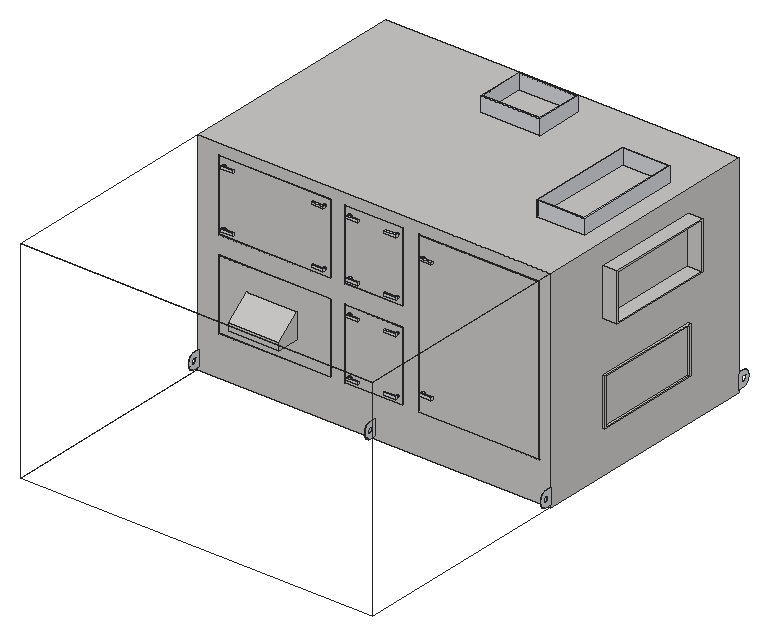
Revit family "DN-3IN-EH-2FP", category Mechanical Equipment, Revit 2019
Family settings
  Round Connector Dimension = Use Diameter
  Part Type = Normal
  OmniClass Number = 23.75.00.00
  OmniClass Title = Climate Control (HVAC)
  Work Plane-Based = No
  Always vertical = Yes
  Cut with Voids When Loaded = No
  Shared = No
  Room Calculation Point = No
Parameters (values of type "2 @ 2.70 kW ea.")
  Voltage [instance] = "200-240 V"
  Unit Weight Range (lbs) [instance] = "2500-3000 lbs."
  Max. Shipping Weight (lbs) [instance] = "2725-3225 lbs."
  Unit Dimensions (L x W x H) [instance] = "125-1/4\" x 92-1/8\" x 73-7/8\""
  Shipping Dimensions (L x W x H) [instance] = "140\" x 90\" x 79\""
  Unit [instance] = Renewaire - Galvanized Steel
  URL = "www.renewaire.com"
  Typical Airflow Range = "750-3300 CFM"
  Standard Features [instance] = "EC Motors for both airstreams, Direct drive backward inclined plenum, Higher ESP of up to 2.5\" w.g. at 3,000 CFM, Integrated programmable controls, True 100% face and bypass enthalpy based modulating economizer, Class 1 low leakage motorized isolation dampers, Stainless steel double-sloped drain pan with cooling option, 1\" Double wall foam injected 20 gauge galvanized panel construction with R6.5 insulation"
  Service Area Visibility [instance] = yes
  Service Area Box [instance] = Renewaire - Interference
  Revit Object Download Link [instance] = ""
  Phase [instance] = "Three"
  Options [instance] = "Heat pump, Modulating hot gas reheat, Steam or hot water coil, gas heat module or electric heater, Onboard variable frequency drives (VFDs) - both airstreams, Fused disconnect, Spring isolators (VFDs only), 2\" Double wall foam injected 20 gauge galvanized panel construction with R13 insulation, Exterior paint - grey, white, custom color, BACNET factory activation, GFCI convenience outlet, Recirculation damper, Drain overflow switch, Electrofin coating for coils"
  Number Motors [instance] = "Qty. 2, Direct drive motorized impeller packages"
  Model = "DN-3IN-2FP-EH"
  Minimum Circuit Amps [instance] = "19.4 A"
  Maximum Overcurrent Protection [instance] = "25 A"
  Manufacturer = "Renewaire LLC"
  Inlets/Outlets [instance] = "OA & RA Inlets: 36\" x 16\", SA Outlet: 24\" x 16\", EA Outlet: 20\" x 16\""
  Frequency [instance] = "50/60 Hz"
  Filters [instance] = "Total qty. 6, MERV 8: 20\" x 20\" x 2\""
  FLA per Motor [instance] = "8.6-7.2"
  Energy Recovery Type [instance] = "Static plate total energy transfer"
  Description = "Energy Recovery Ventilator"
  Accessories [instance] = "Filters - MERV 13, 2\"  and 4\" (shipped loose), MERV 14, 2\" and 4\" (shipped loose), Additional filters available upon request, Duct mounted electric pre-heater (separately powered), Carbon dioxide sensor/control - wall mount (CO2-W), duct mount (CO2-D), IAQ sensor - wall mount (IAQ-W), duct mount (IAQ-D), Motion occupancy sensor/control - ceiling mount (MC-C), wall mount (MC-W), Smoke detector, Room temperature and humidity sensor, Duct static pressure sensor with display to 10\", without display 0-2\", Room pressure sensor with display to 1\", without display 0-1\", Waterless trap negative pressure, Waterless trap positive pressure, Remote display"
  AHRI 1060 Certified Core [instance] = "Three L-125 G5"
Types (6): name | Voltage | Minimum Circuit Amps | Maximum Overcurrent Protection | FLA per Motor
  (no name) | "200-240 V" | "19.4 A" | "25 A" | "8.6-7.2"
  2 @ 2.70 kW ea. | "200-240 V" | "19.4 A" | "25 A" | "8.6-7.2"
  2 @ 3.70 kW ea. | "380-480 V" | "13.5 A" | "15 A" | "6.0-4.6"
  2 @ 5HP ea. 208-230V | "208-230 V" | "31.3 A" | "45 A" | "13.9-13.4/6.7"
  2 @ 5HP ea. 460V | "460V" | "15.1 A" | "20 A" | "6.7"
  2 @ 5HP ea. 575V | "575V" | "11.9 A" | "15 A" | "5.3"
Reference planes (in)
  plane 1 "Center (Front/Back)": y = 0
  plane 2: z = 0
  plane 3 "Center (Left/Right)": x = 0
  plane 4: y = -39.6875
  plane 5: x = -48.25
Forms (in)
  Extrusion 1, solid, material "Renewaire - Galvanized Steel" <- "Unit"
    sketch origin (0, 0, 0) x (0, 1, 0) y (0, 0, 1)
      loop
        line (38.6875, 70.875) -> (-40.6875, 70.875) -> (-40.6875, 0) -> (38.6875, 0) -> (38.6875, 70.875)
    from 70.875 to -48.25
  Extrusion 2, void
    sketch origin (0, 0, 0) x (1, 0, 0) y (0, 0, 1)
      loop
        line (-41.23219, 67.32399) -> (-41.23219, 43.32172) -> (-3.23221, 43.32172) -> (-3.23221, 67.32399) -> (-41.23219, 67.32399)
      loop
        line (21.2974, 67.32399) -> (1.2974, 67.32399) -> (1.2974, 43.32172) -> (21.2974, 43.32172) -> (21.2974, 67.32399)
      loop
        line (67.20649, 67.32399) -> (26.2065, 67.32399) -> (26.2065, 13.32173) -> (67.20649, 13.32173) -> (67.20649, 67.32399)
      loop
        line (-41.23219, 37.32286) -> (-41.23219, 13.3206) -> (-3.23221, 13.3206) -> (-3.23221, 37.32286) -> (-41.23219, 37.32286)
      loop
        line (21.2974, 37.32286) -> (1.2974, 37.32286) -> (1.2974, 13.3206) -> (21.2974, 13.3206) -> (21.2974, 37.32286)
    from 41.6875 to 39.6875
  Extrusion 3, solid, material "Renewaire - Galvanized Steel" <- "Unit"
    sketch origin (0, -1.04504, 1.25231) x (0, 1, 0) y (0, 0, 1)
      loop
        line (12.02253, 30.88417) -> (-11.97747, 30.88417) -> (-11.97747, 14.88417) -> (12.02253, 14.88417) -> (12.02253, 30.88417)
      loop
        line (11.77253, 30.63417) -> (-11.72747, 30.63417) -> (-11.72747, 15.13417) -> (11.77253, 15.13417) -> (11.77253, 30.63417)
    from -48.25 to -49.25
  Extrusion 4, solid, material "Renewaire - Galvanized Steel" <- "Unit"
    sketch origin (0, -1.04504, 3) x (0, 1, 0) y (0, 0, 1)
      loop
        line (-17.97746, 27.82167) -> (-17.97746, 11.82167) -> (18.02254, 11.82167) -> (18.02254, 27.82167) -> (-17.97746, 27.82167)
      loop
        line (-17.72746, 27.57167) -> (-17.72746, 12.07167) -> (17.77254, 12.07167) -> (17.77254, 27.57167) -> (-17.72746, 27.57167)
    from 71.875 to 70.875
  Extrusion 5, solid, material "Renewaire - Galvanized Steel" <- "Unit"
    sketch origin (0, -1.04504, 2) x (0, 1, 0) y (0, 0, 1)
      loop
        line (-17.97746, 61.86166) -> (-17.97746, 45.86166) -> (18.02254, 45.86166) -> (18.02254, 61.86166) -> (-17.97746, 61.86166)
      loop
        line (-17.72746, 61.61166) -> (-17.72746, 46.11166) -> (17.77254, 46.11166) -> (17.77254, 61.61166) -> (-17.72746, 61.61166)
    from 76 to 70.875
  Extrusion 6, solid, material "Renewaire - Galvanized Steel" <- "Unit"
    sketch origin (-0.94821, 0, 2.00006) x (1, 0, 0) y (0, 0, 1)
      loop
        line (22.23876, 61.82394) -> (2.23875, 61.82394) -> (2.23875, 45.82395) -> (22.23876, 45.82395) -> (22.23876, 61.82394)
      loop
        line (21.98876, 61.57394) -> (2.48875, 61.57394) -> (2.48875, 46.07395) -> (21.98876, 46.07395) -> (21.98876, 61.57394)
    from -38.6875 to -43.6875
  Extrusion 7, void
    sketch origin (0, 0, 0) x (1, 0, 0) y (0, 1, 0)
      loop
        line (-46.25, 36.6875) -> (-46.25, -38.6875) -> (68.875, -38.6875) -> (68.875, 36.6875) -> (-46.25, 36.6875)
    from -1 to 6
  Extrusion 8, void
    sketch origin (0, 0, 0) x (1, 0, 0) y (0, 1, 0)
      loop
        line (63.82319, 17.02251) -> (47.8232, 17.02251) -> (47.8232, -18.97749) -> (63.82319, -18.97749) -> (63.82319, 17.02251)
      loop
        line (-23.4555, 11.02929) -> (-39.4555, 11.02929) -> (-39.4555, -12.97071) -> (-23.4555, -12.97071) -> (-23.4555, 11.02929)
    from 4 to 6.125
  Extrusion 9, solid, material "Renewaire - Galvanized Steel" <- "Unit"
    sketch origin (0, -1, 3) x (0, 1, 0) y (0, 0, 1)
      loop
        circle (-17.81314, 21.39443) r 3
      loop
        circle (-17.81314, 21.38898) r 2.75
    from -49.25 to -48.25
  Extrusion 10, solid, material "Renewaire - Interference" <- "Service Area Box"
    sketch origin (0, 0, 0) x (1, 0, 0) y (0, 1, 0)
      loop
        line (-48.25, -40.6875) -> (-48.25, -115.6875) -> (70.875, -115.6875) -> (70.875, -40.6875) -> (-48.25, -40.6875)
    from 0 to 70.875
  Extrusion 11, solid
    sketch origin (0, 0, 0) x (1, 0, 0) y (0, 1, 0)
      loop
        line (2.27522, 15.62747) -> (22.2752, 15.62747) -> (22.2752, 31.62747) -> (2.27522, 31.62747) -> (2.27522, 15.62747)
      loop
        line (2.52522, 31.37747) -> (2.52522, 15.87747) -> (22.0252, 15.87747) -> (22.0252, 31.37747) -> (2.52522, 31.37747)
    from 70.875 to 75.875
  Extrusion 12, solid
    sketch origin (0, 0, 0) x (1, 0, 0) y (0, 1, 0)
      loop
        line (48.8232, 17.02251) -> (48.8232, -18.97749) -> (64.87498, -18.97749) -> (64.87498, 17.02251) -> (48.8232, 17.02251)
      loop
        line (49.0732, 16.77251) -> (49.0732, -18.72749) -> (64.62498, -18.72749) -> (64.62498, 16.77251) -> (49.0732, 16.77251)
    from 70.875 to 75.875
  Extrusion 13, solid, material "Renewaire - Galvanized Steel" <- "Unit"
    sketch origin (0, 0, 0) x (1, 0, 0) y (0, 0, 1)
      loop
        line (-40.98219, 67.07399) -> (-40.98219, 43.57172) -> (-3.48221, 43.57172) -> (-3.48221, 67.07399) -> (-40.98219, 67.07399)
      loop
        line (-40.98219, 37.07286) -> (-40.98219, 13.5706) -> (-3.48221, 13.5706) -> (-3.48221, 37.07286) -> (-40.98219, 37.07286)
      loop
        line (1.5474, 67.07399) -> (1.5474, 43.57172) -> (21.0474, 43.57172) -> (21.0474, 67.07399) -> (1.5474, 67.07399)
      loop
        line (1.5474, 37.07286) -> (1.5474, 13.5706) -> (21.0474, 13.5706) -> (21.0474, 37.07286) -> (1.5474, 37.07286)
      loop
        line (26.4565, 67.07399) -> (26.4565, 13.57173) -> (66.95649, 13.57173) -> (66.95649, 67.07399) -> (26.4565, 67.07399)
    from 39.6875 to 40.6875
  Extrusion 14, solid, material "Renewaire - Galvanized Steel" <- "Unit"
    sketch origin (0, 0, 0) x (0, 1, 0) y (0, 0, 1)
      loop
        line (-40.6875, 20.87411) -> (-40.6875, 29.23787) -> (-48.4375, 23.18634) -> (-48.4375, 20.87411) -> (-40.6875, 20.87411)
    from -31.75 to -14.75
Cuts and joins
  Extrusion 2, Extrusion 7, Extrusion 8 cuts Extrusion 1
Dimensions and locks (in)
  aligned and locked: level to plane 2
  aligned and locked: Extrusion 5 to cut or joined group of Extrusion 1, Extrusion 2, Extrusion 7, Extrusion 8
  aligned and locked: Extrusion 6 to cut or joined group of Extrusion 1, Extrusion 2, Extrusion 7, Extrusion 8
  aligned and locked: Extrusion 3 to Extrusion 9
  aligned and locked: plane 5 to Extrusion 9
  aligned and locked: cut or joined group of Extrusion 1, Extrusion 2, Extrusion 7, Extrusion 8 to nested 1
  aligned and locked: cut or joined group of Extrusion 1, Extrusion 2, Extrusion 7, Extrusion 8 to Extrusion 10 sketch curve
  aligned and locked: Extrusion 10 sketch curve to cut or joined group of Extrusion 1, Extrusion 2, Extrusion 7, Extrusion 8
  aligned and locked: Extrusion 10 to level
Nested families (in)
  nested 1: "Handle" at (-5.35721, -40.6875, 64.71643), type "Handle"
    with Right Handle no, Left Handle yes, Flip yes
  nested 2: "Handle" at (-5.35721, -40.6875, 45.71643), type "Handle"
    with Right Handle no, Left Handle yes, Flip yes
  nested 3: "Handle" at (-39.27037, -40.6875, 64.71643) x (-1, 0, 0) z (0, 0, 1), type "Handle"
    with Right Handle no, Left Handle yes, Flip yes
  nested 4: "Handle" at (-39.27037, -40.6875, 45.71643) x (-1, 0, 0) z (0, 0, 1), type "Handle"
    with Right Handle no, Left Handle yes, Flip yes
  nested 5: "Handle" at (19.28217, -40.6875, 64.71643), type "Handle"
    with Right Handle no, Left Handle yes, Flip yes
  nested 6: "Handle" at (19.19534, -40.6875, 45.71643), type "Handle"
    with Right Handle no, Left Handle yes, Flip yes
  nested 7: "Handle" at (3.19534, -40.6875, 64.71643) x (-1, 0, 0) z (0, 0, 1), type "Handle"
    with Right Handle no, Left Handle yes, Flip yes
  nested 8: "Handle" at (3.19534, -40.6875, 45.71643) x (-1, 0, 0) z (0, 0, 1), type "Handle"
    with Right Handle no, Left Handle yes, Flip yes
  nested 9: "Handle" at (19.19534, -40.6875, 34.7153), type "Handle"
    with Right Handle no, Left Handle yes, Flip yes
  nested 10: "Handle" at (19.19534, -40.6875, 15.7153), type "Handle"
    with Right Handle no, Left Handle yes, Flip yes
  nested 11: "Handle" at (3.19534, -40.6875, 34.7153) x (-1, 0, 0) z (0, 0, 1), type "Handle"
    with Right Handle no, Left Handle yes, Flip yes
  nested 12: "Handle" at (3.19534, -40.6875, 15.7153) x (-1, 0, 0) z (0, 0, 1), type "Handle"
    with Right Handle no, Left Handle yes, Flip yes
  nested 13: "Lifting Lug" at (-48, 38.6875, 0.74993) x (0, 1, 0) z (0, 0, 1), Material <- "Unit", type "Lifting Lug"
    with Material Renewaire - Galvanized Steel
  nested 14: "Lifting Lug" at (70.875, 38.6875, 0.74993) x (0, 1, 0) z (0, 0, 1), Material <- "Unit", type "Lifting Lug"
    with Material Renewaire - Galvanized Steel
  nested 15: "Lifting Lug" at (-48, -40.6875, 0.74993) x (0, -1, 0) z (0, 0, 1), Material <- "Unit", type "Lifting Lug"
    with Material Renewaire - Galvanized Steel
  nested 16: "Lifting Lug" at (70.875, -40.6875, 0.74993) x (0, -1, 0) z (0, 0, 1), Material <- "Unit", type "Lifting Lug"
    with Material Renewaire - Galvanized Steel
  nested 17: "Handle" at (27.90471, -40.6875, 60.57394) x (-1, 0, 0) z (0, 0, 1), type "Handle"
    with Right Handle no, Left Handle yes, Flip yes
  nested 18: "Handle" at (27.90471, -40.6875, 19.59892) x (-1, 0, 0) z (0, 0, 1), type "Handle"
    with Right Handle no, Left Handle yes, Flip yes
  nested 19: "Lifting Lug" at (11.5625, 38.6875, 0.74993) x (0, 1, 0) z (0, 0, 1), Material <- "Unit", type "Lifting Lug"
    with Material Renewaire - Galvanized Steel
  nested 20: "Lifting Lug" at (11.5625, -40.6875, 0.74993) x (0, -1, 0) z (0, 0, 1), Material <- "Unit", type "Lifting Lug"
    with Material Renewaire - Galvanized Steel
Connectors (in)
  hvac at (-49.25, -1.02251, 24.13648)
    settings: on Extrusion 3, index 1, duct flow 0 CFM, flow factor 0, pres drop 0.00 in-wg, loss coef 0, conn angle 0.00°, conn width 24", conn height 16", conn diameter 24", duct sys type 1, conn prof type 1, flow config 0, flow direction 2, loss method 0, conn ref index -1, conn util no, is conn primary yes, conn desc "Supply Air (SA)"
  hvac at (71.875, -1.0225, 22.82167)
    settings: on Extrusion 4, index 4, duct flow 0 CFM, flow factor 0, pres drop 0.00 in-wg, loss coef 0, conn angle 0.00°, conn width 36", conn height 16", conn diameter 24", duct sys type 2, conn prof type 1, flow config 0, flow direction 1, loss method 0, conn ref index -1, conn util no, is conn primary no, conn desc "Return Air (RA)"
  hvac at (76, -1.0225, 55.86166)
    settings: on Extrusion 5, index 5, duct flow 0 CFM, flow factor 0, pres drop 0.00 in-wg, loss coef 0, conn angle 0.00°, conn width 36", conn height 16", conn diameter 24", duct sys type 4, conn prof type 1, flow config 0, flow direction 1, loss method 0, conn ref index -1, conn util no, is conn primary no, conn desc "Outside Air (AO)"
  hvac at (11.29054, 43.6875, 55.82401)
    settings: on Extrusion 6, index 8, duct flow 0 CFM, flow factor 0, pres drop 0.00 in-wg, loss coef 0, conn angle 0.00°, conn width 20", conn height 16", conn diameter 24", duct sys type 3, conn prof type 1, flow config 0, flow direction 2, loss method 0, conn ref index -1, conn util no, is conn primary no, conn desc "Exhaust Air (EA)"
  hvac at (12.27521, 23.62747, 75.875)
    settings: on Extrusion 11, index 9, duct flow 0 CFM, flow factor 0, pres drop 0.00 in-wg, loss coef 0, conn angle 0.00°, conn width 20", conn height 16", conn diameter 24", duct sys type 3, conn prof type 1, flow config 0, flow direction 2, loss method 0, conn ref index -1, conn util no, is conn primary no, conn desc "Exhaust Air (EA)"
  hvac at (56.84909, -0.97749, 75.875)
    settings: on Extrusion 12, index 10, duct flow 0 CFM, flow factor 0, pres drop 0.00 in-wg, loss coef 0, conn angle 0.00°, conn width 16", conn height 36", conn diameter 24", duct sys type 4, conn prof type 1, flow config 0, flow direction 1, loss method 0, conn ref index -1, conn util no, is conn primary no, conn desc "Outside Air (AO)"
  hvac at (-31.4555, -0.97071, 6.125)
    settings: on cut or joined group of Extrusion 1, Extrusion 2, Extrusion 7, Extrusion 8, index 11, duct flow 0 CFM, flow factor 0, pres drop 0.00 in-wg, loss coef 0, conn angle 0.00°, conn width 16", conn height 24", conn diameter 24", duct sys type 1, conn prof type 1, flow config 0, flow direction 2, loss method 0, conn ref index -1, conn util no, is conn primary no, conn desc "Supply Air (SA)"
  hvac at (55.8232, -0.97749, 6)
    settings: on cut or joined group of Extrusion 1, Extrusion 2, Extrusion 7, Extrusion 8, index 12, duct flow 0 CFM, flow factor 0, pres drop 0.00 in-wg, loss coef 0, conn angle 0.00°, conn width 36", conn height 16", conn diameter 24", duct sys type 2, conn prof type 1, flow config 0, flow direction 1, loss method 0, conn ref index -1, conn util no, is conn primary no, conn desc "Return Air (RA)"
Definition of nested family "Handle"
  Parameters (values of type "Handle")
    Right Handle [instance] = not(Flip)  # no
    Material = none
    Left Handle [instance] = Flip  # yes
    Flip [instance] = yes
  Reference planes (in)
    plane 1 "Center (Front/Back)": y = 0
    plane 2: z = 0
    plane 3 "Center (Left/Right)": x = 0
  Forms (in)
    Extrusion 1, solid, material <- "Material"
      sketch origin (0, 0, 0) x (1, 0, 0) y (0, 0, 1)
        loop
          circle (0, 0) r 0.375
      from 0 to 0.75
    Extrusion 2, solid, material <- "Material", visible <- "Right Handle"
      sketch origin (0, 0, 0) x (1, 0, 0) y (0, 1, 0)
        loop
          line (-0.375, -0.75) -> (-0.375, -1.25) -> (3.625, -1.25) -> (3.625, -0.75) -> (-0.375, -0.75)
      from -0.375 to 0.375
    Extrusion 3, solid, material <- "Material", visible <- "Left Handle"
      sketch origin (-3.25, 0, 0) x (1, 0, 0) y (0, 1, 0)
        loop
          line (-0.375, -0.75) -> (-0.375, -1.25) -> (3.625, -1.25) -> (3.625, -0.75) -> (-0.375, -0.75)
      from -0.375 to 0.375
  Dimensions and locks (in)
    aligned and locked: plane 2 to level
Definition of nested family "Lifting Lug"
  Parameters (values of type "Lifting Lug")
    Material [instance] = none
  Reference planes (in)
    plane 1 "Center (Front/Back)": y = 0
    plane 2: z = 0
    plane 3 "Center (Left/Right)": x = 0
  Forms (in)
    Extrusion 1, solid
      sketch origin (0, 0, 0) x (1, 0, 0) y (0, 0, 1)
        loop
          line (0, 0.1875) -> (2, 0.1875)
          arc (2, 0.1875) -> (3.41421, 0.77329) -> (4, 2.1875) r 2
          line (4, 2.1875) -> (4, 3.1875)
          arc (4, 3.1875) -> (3.41421, 4.60171) -> (2, 5.1875) r 2
          line (2, 5.1875) -> (0, 5.1875) -> (0, 0.1875)
        loop
          circle (2.125, 2.6875) r 1
      from 0 to 0.25
  Dimensions and locks (in)
    aligned and locked: plane 2 to level
